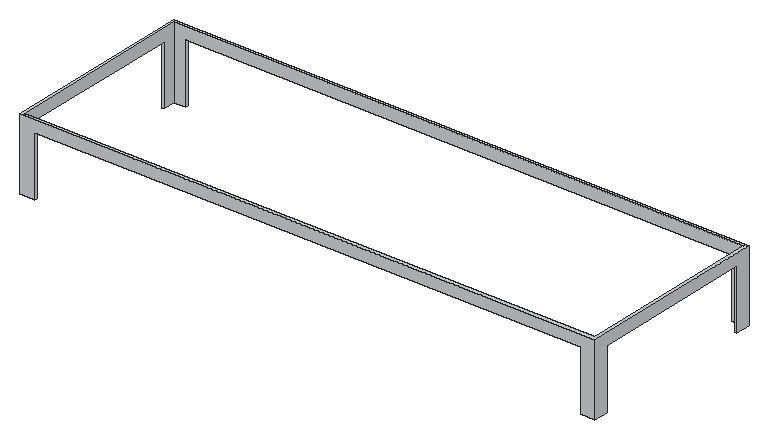
Revit family
Parameters
  Manufacturer = "Revit"
  Materiale = none
  Lunghezza = 400 mm
  Larghezza = 1200 mm
Reference planes
  plane 1 "Center (Front/Back)": y = 0
  plane 2: z = 0
  plane 3 "Center (Left/Right)": x = 0
  plane 4: x = -600
  plane 5: x = 600
  plane 6: y = 200
  plane 7: y = -200
Forms (mm)
  Extrusion 1, solid, material <- "Materiale"
    sketch origin (0, 0, 0) x (1, 0, 0) y (0, 1, 0)
      loop
        line (-600, 200) -> (-600, 170) -> (-595, 170) -> (-595, 195) -> (-570, 195) -> (-570, 200) -> (-600, 200)
      loop
        line (600, 200) -> (570, 200) -> (570, 195) -> (595, 195) -> (595, 170) -> (600, 170) -> (600, 200)
      loop
        line (-600, -200) -> (-570, -200) -> (-570, -195) -> (-595, -195) -> (-595, -170) -> (-600, -170) -> (-600, -200)
      loop
        line (600, -200) -> (600, -170) -> (595, -170) -> (595, -195) -> (570, -195) -> (570, -200) -> (600, -200)
    from 0 to 150
  Extrusion 2, solid, material <- "Materiale"
    sketch origin (0, 0, 0) x (1, 0, 0) y (0, 1, 0)
      loop
        line (-600, 170) -> (-600, -170) -> (-595, -170) -> (-595, 170) -> (-600, 170)
      loop
        line (595, 170) -> (595, -170) -> (600, -170) -> (600, 170) -> (595, 170)
      loop
        line (570, 200) -> (-570, 200) -> (-570, 195) -> (570, 195) -> (570, 200)
      loop
        line (570, -195) -> (-570, -195) -> (-570, -200) -> (570, -200) -> (570, -195)
    from 125 to 150
Cuts and joins
  joined: Extrusion 1, Extrusion 2
Dimensions and locks
  locked: Extrusion 1 sketch curve to Extrusion 1 sketch curve at 30  (x8)
  locked: Extrusion 1 sketch curve to Extrusion 1 sketch curve at 5  (x8)
  equal spacing: plane 4, plane 3 "Center (Left/Right)", plane 5
  "Larghezza": plane 4 to plane 5
  "Lunghezza": plane 7 to plane 6
  equal spacing: plane 7, plane 1 "Center (Front/Back)", plane 6
  aligned and locked: plane 4 to Extrusion 1
  aligned and locked: Extrusion 1 to plane 6
  aligned and locked: plane 7 to Extrusion 1
  aligned and locked: plane 5 to Extrusion 1
  aligned and locked: Extrusion 1 sketch curve to plane 6
  aligned and locked: Extrusion 1 sketch curve to plane 5
  aligned and locked: plane 5 to Extrusion 1 sketch curve
  aligned and locked: Extrusion 1 sketch curve to plane 7
  aligned and locked: plane 7 to Extrusion 1 sketch curve
  aligned and locked: plane 4 to Extrusion 1 sketch curve
  aligned and locked: Extrusion 1 to Extrusion 2 sketch curve  (x6)
  aligned and locked: Extrusion 2 sketch curve to Extrusion 1  (x10)
Automatic sketch dimensions
  Extrusion 1 sketch curve to plane 4 = 0 mm
  Extrusion 1 sketch curve to plane 6 = 0 mm
